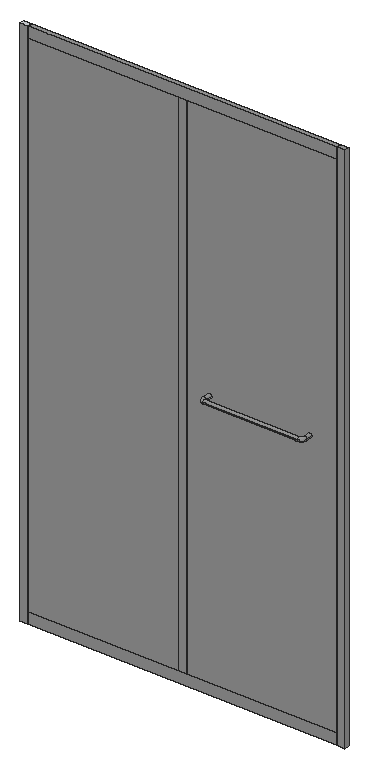
Revit family "MAMPARA DOBLE CORREDERA TWIN", category Generic Models, Revit 2019
Family settings
  Can host rebar = No
  Round Connector Dimension = Use Diameter
  Part Type = Normal
  Work Plane-Based = No
  Always vertical = Yes
  Cut with Voids When Loaded = No
  Shared = No
  Room Calculation Point = No
Reference planes
  plane 1 "Center (Front/Back)": y = 0
  plane 2: z = 0
  plane 3 "Center (Left/Right)": x = 0
Forms (mm)
  Extrusion 1, solid
    sketch origin (0, 0, 0) x (1, 0, 0) y (0, 0, 1)
      loop
        line (0, 0) -> (30, 0) -> (30, 1980) -> (0, 1980) -> (0, 0)
      loop
        line (1200, 1980) -> (1170, 1980) -> (1170, 0) -> (1200, 0) -> (1200, 1980)
    from 0 to 17.247
  Extrusion 2, solid
    sketch origin (0, 0, 0) x (1, 0, 0) y (0, 0, 1)
      loop
        line (30, 1980) -> (30, 1940) -> (1170, 1940) -> (1170, 1980) -> (30, 1980)
      loop
        line (30, 0) -> (1170, 0) -> (1170, 40) -> (30, 40) -> (30, 0)
    from 0 to 17.247
  Extrusion 3, solid
    sketch origin (0, 0, 0) x (1, 0, 0) y (0, 0, 1)
      loop
        line (585, 1940) -> (585, 40) -> (615, 40) -> (615, 1940) -> (585, 1940)
    from 0 to 17.247
  Extrusion 4, solid
    sketch origin (0, 0, 0) x (1, 0, 0) y (0, 0, 1)
      loop
        line (30, 1940) -> (30, 40) -> (1170, 40) -> (1170, 1940) -> (30, 1940)
    from 0 to 17.247
  Sweep 5, solid
    path origin (-54.572, 0, 990) x (1, 0, 0) y (0, 1, 0)
      loop
        line (1125, -17.247) -> (1125, -42.247)
        arc (1125, -42.247) -> (1122.071, -49.319) -> (1115, -52.247) r 10
        line (1115, -52.247) -> (765, -52.247)
        arc (765, -52.247) -> (757.929, -49.319) -> (755, -42.247) r 10
        line (755, -42.247) -> (755, -17.247)
    profile origin (700.428, -17.247, 990) x (-1, 0, 0) y (0, 0, 1)
      loop
        circle (0, 0) r 7
  Sweep 6, solid
    path origin (1240.806, -17.247, 990) x (-1, 0, 0) y (0, -1, 0)
      loop
        line (1125, -17.247) -> (1125, -42.247)
        arc (1125, -42.247) -> (1122.071, -49.319) -> (1115, -52.247) r 10
        line (1115, -52.247) -> (765, -52.247)
        arc (765, -52.247) -> (757.929, -49.319) -> (755, -42.247) r 10
        line (755, -42.247) -> (755, -17.247)
    profile origin (485.806, 0, 990) x (1, 0, 0) y (0, 0, 1)
      loop
        circle (0, 0) r 7
Dimensions and locks
  aligned and locked: level to plane 2
